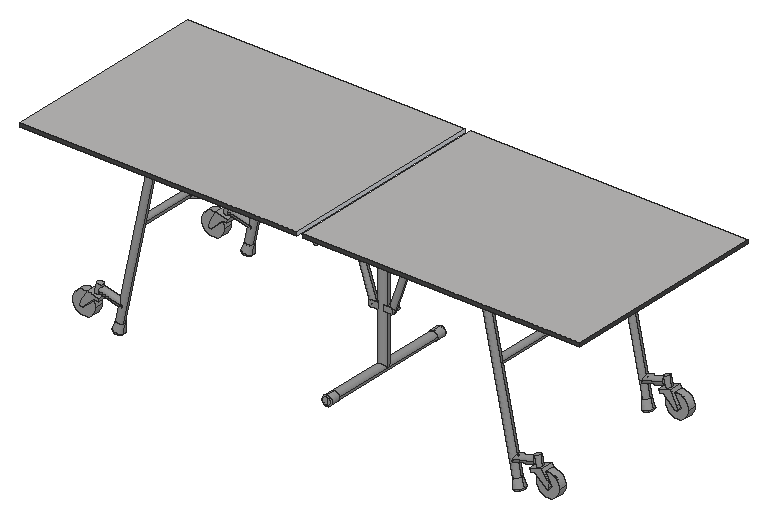
Revit family "23M Rect. 8 Long x 29 High", category Furniture, Revit 2016 (continued)
Automatic sketch dimensions
  plane 3 "Center Left/Right" to Extrusion 54 sketch curve = 0' - 1"
  Extrusion 54 sketch curve to Extrusion 54 sketch curve = 0' - 0.68301"
  Extrusion 54 sketch curve to Extrusion 54 sketch curve = 0' - 1.2141"
  Extrusion 54 sketch curve to plane 3 "Center Left/Right" = 0' - 0 5/16"
  level to Extrusion 54 sketch curve = 2' - 1.9241"
  Extrusion 54 sketch curve to Extrusion 54 sketch curve = 0' - 0.54127"
  Extrusion 54 sketch curve to Extrusion 54 sketch curve = 0' - 0.79127"
  Extrusion 54 sketch curve to Extrusion 54 sketch curve = 0' - 1.04904"
  Extrusion 54 sketch curve to Extrusion 54 sketch curve = 0' - 0.70096"
  Extrusion 55 sketch curve to plane 1 "Center Front/Back" = 1' - 1.83838"
  Extrusion 56 sketch curve to plane 1 "Center Front/Back" = 1' - 1.83838"
  Extrusion 57 sketch curve to plane 1 "Center Front/Back" = 1' - 1.83838"
  level to Extrusion 58 sketch curve = 0' - 2.60323"
  plane 3 "Center Left/Right" to Extrusion 58 sketch curve = 3' - 4.183"
  level to Extrusion 58 sketch curve = 0' - 3.19045"
  Extrusion 58 sketch curve to Extrusion 58 sketch curve = 0' - 0.0982"
  level to Extrusion 58 sketch curve = 0' - 2.37748"
  Extrusion 58 sketch curve to Extrusion 58 sketch curve = 0' - 0.1639"
  Extrusion 58 sketch curve to Extrusion 58 sketch curve = 0' - 0.19297"
  level to Extrusion 58 sketch curve = 0' - 2.3319"
  Extrusion 58 sketch curve to Extrusion 58 sketch curve = 0' - 0.30329"
  level to Extrusion 58 sketch curve = 0' - 5.18826"
  Extrusion 58 sketch curve to Extrusion 58 sketch curve = 0' - 1.14473"
  level to Extrusion 58 sketch curve = 0' - 4.11073"
  Extrusion 58 sketch curve to Extrusion 58 sketch curve = 0' - 1.13066"
  level to Extrusion 58 sketch curve = 0' - 4.04579"
  Extrusion 58 sketch curve to Extrusion 58 sketch curve = 0' - 0.72713"
  level to Extrusion 58 sketch curve = 0' - 4.64752"
  level to Extrusion 59 sketch curve = 0' - 2.82768"
  plane 3 "Center Left/Right" to Extrusion 59 sketch curve = 3' - 3.7896"
  level to Revolve 60 sketch curve = 0' - 0.48839"
  plane 3 "Center Left/Right" to Revolve 60 sketch curve = 2' - 11.22758"
  level to Revolve 60 sketch curve = 0' - 0.27865"
  Revolve 60 sketch curve to Revolve 60 sketch curve = 0' - 0.08686"
  Revolve 60 sketch curve to Revolve 60 sketch curve = 0' - 0.15789"
  level to Revolve 60 sketch curve = 0' - 1.89793"
  Revolve 60 sketch curve to Revolve 60 sketch curve = 0' - 0.51303"
  level to Revolve 60 sketch curve = 0' - 0.1154"  (x2)
  Revolve 60 sketch curve to Revolve 60 sketch curve = 0' - 0.69699"
  Revolve 60 sketch curve to Revolve 60 sketch curve = 0' - 0"  (x2)
  level to Revolve 60 sketch curve = 0' - 1.75135"
  plane 1 "Center Front/Back" to Extrusion 61 sketch curve = 1' - 1.83838"
  plane 1 "Center Front/Back" to Extrusion 62 sketch curve = 1' - 1.83838"
  plane 1 "Center Front/Back" to Extrusion 63 sketch curve = 1' - 1.83838"
  level to Extrusion 64 sketch curve = 0' - 2.60323"
  plane 3 "Center Left/Right" to Extrusion 64 sketch curve = 3' - 4.183"
  level to Extrusion 64 sketch curve = 0' - 3.19045"
  Extrusion 64 sketch curve to Extrusion 64 sketch curve = 0' - 0.0982"
  level to Extrusion 64 sketch curve = 0' - 2.37748"
  Extrusion 64 sketch curve to Extrusion 64 sketch curve = 0' - 0.1639"
  Extrusion 64 sketch curve to Extrusion 64 sketch curve = 0' - 0.19297"
  level to Extrusion 64 sketch curve = 0' - 2.3319"
  Extrusion 64 sketch curve to Extrusion 64 sketch curve = 0' - 0.30329"
  level to Extrusion 64 sketch curve = 0' - 5.18826"
  Extrusion 64 sketch curve to Extrusion 64 sketch curve = 0' - 1.14473"
  level to Extrusion 64 sketch curve = 0' - 4.11073"
  Extrusion 64 sketch curve to Extrusion 64 sketch curve = 0' - 1.13066"
  level to Extrusion 64 sketch curve = 0' - 4.04579"
  Extrusion 64 sketch curve to Extrusion 64 sketch curve = 0' - 0.72713"
  level to Extrusion 64 sketch curve = 0' - 4.64752"
  level to Extrusion 65 sketch curve = 0' - 2.82768"
  plane 3 "Center Left/Right" to Extrusion 65 sketch curve = 3' - 3.7896"
  level to Revolve 66 sketch curve = 0' - 0.48839"
  plane 3 "Center Left/Right" to Revolve 66 sketch curve = 2' - 11.22758"
  level to Revolve 66 sketch curve = 0' - 0.27865"
  Revolve 66 sketch curve to Revolve 66 sketch curve = 0' - 0.08686"
  Revolve 66 sketch curve to Revolve 66 sketch curve = 0' - 0.15789"
  level to Revolve 66 sketch curve = 0' - 1.89793"
  Revolve 66 sketch curve to Revolve 66 sketch curve = 0' - 0.51303"
  level to Revolve 66 sketch curve = 0' - 0.1154"  (x2)
  Revolve 66 sketch curve to Revolve 66 sketch curve = 0' - 0.69699"
  Revolve 66 sketch curve to Revolve 66 sketch curve = 0' - 0"  (x2)
  level to Revolve 66 sketch curve = 0' - 1.75135"
  plane 3 "Center Left/Right" to Extrusion 67 sketch curve = 2' - 6.53243"
  level to Extrusion 67 sketch curve = 1' - 6.26786"
  plane 1 "Center Front/Back" to Extrusion 68 sketch curve = 0' - 0"
  plane 3 "Center Left/Right" to Extrusion 69 sketch curve = 2' - 6.28978"
  Extrusion 69 sketch curve to Extrusion 69 sketch curve = 0' - 0.25918"
  Extrusion 69 sketch curve to Extrusion 69 sketch curve = 0' - 1.85497"
  Extrusion 69 sketch curve to Extrusion 69 sketch curve = 0' - 0.15456"  (x2)
  level to Extrusion 69 sketch curve = 1' - 5.87658"
  Extrusion 69 sketch curve to Extrusion 69 sketch curve = 0' - 0.61917"
  Extrusion 69 sketch curve to Extrusion 69 sketch curve = 0' - 0.96726"
  Extrusion 69 sketch curve to Extrusion 69 sketch curve = 0' - 0.47551"
  plane 3 "Center Left/Right" to Sweep 70 sketch curve = 1' - 6.87242"
  Sweep 70 sketch curve to Sweep 70 sketch curve = 0' - 0.47545"
  Sweep 70 sketch curve to Sweep 70 sketch curve = 0' - 0.63015"
  level to Sweep 70 sketch curve = 1' - 7.92066"
  Sweep 70 sketch curve to Sweep 70 sketch curve = 0' - 2.78884"
  Sweep 70 sketch curve to Sweep 70 sketch curve = 0' - 9.6841"
  Sweep 70 sketch curve to plane 3 "Center Left/Right" = 0' - 0.44697"
  Sweep 70 sketch curve to Sweep 70 sketch curve = 0' - 3.83915"
  Sweep 70 sketch curve to Sweep 70 sketch curve = 0' - 4.04849"
  Sweep 70 sketch curve to profile plane = 0' - 0"
  Sweep 70 sketch curve to profile plane = 0' - 0.00202"
  Extrusion 71 sketch curve to plane 1 "Center Front/Back" = 1' - 1.83838"
  Extrusion 72 sketch curve to plane 1 "Center Front/Back" = 1' - 1.83838"
  Extrusion 73 sketch curve to plane 1 "Center Front/Back" = 1' - 1.83838"
  level to Extrusion 74 sketch curve = 0' - 1.61138"
  plane 3 "Center Left/Right" to Extrusion 74 sketch curve = 1' - 2.00698"
  Extrusion 74 sketch curve to Extrusion 74 sketch curve = 0' - 0.0982"
  Extrusion 74 sketch curve to Extrusion 74 sketch curve = 0' - 0.1639"
  Extrusion 74 sketch curve to Extrusion 74 sketch curve = 0' - 0.19297"
  Extrusion 74 sketch curve to Extrusion 74 sketch curve = 0' - 0.30329"
  Extrusion 74 sketch curve to Extrusion 74 sketch curve = 0' - 1.14473"
  Extrusion 74 sketch curve to Extrusion 74 sketch curve = 0' - 1.13066"
  Extrusion 74 sketch curve to Extrusion 74 sketch curve = 0' - 0.72713"
  Extrusion 74 sketch curve to Extrusion 74 sketch curve = 0' - 0.16116"
  Extrusion 74 sketch curve to Extrusion 74 sketch curve = 0' - 0.03227"
  Extrusion 74 sketch curve to Extrusion 74 sketch curve = 0' - 0.04557"
  Extrusion 74 sketch curve to Extrusion 74 sketch curve = 0' - 0.58722"
  Extrusion 74 sketch curve to Extrusion 74 sketch curve = 0' - 0.85534"
  Extrusion 74 sketch curve to Extrusion 74 sketch curve = 0' - 0.06493"
  Extrusion 74 sketch curve to Extrusion 74 sketch curve = 0' - 0.60173"
  level to Extrusion 75 sketch curve = 0' - 1.91242"
  plane 3 "Center Left/Right" to Extrusion 75 sketch curve = 1' - 1.66857"
  level to Revolve 76 sketch curve = 0' - 0.56847"
  plane 3 "Center Left/Right" to Revolve 76 sketch curve = 0' - 8.72105"
  Revolve 76 sketch curve to Revolve 76 sketch curve = 0' - 0.08686"
  Revolve 76 sketch curve to Revolve 76 sketch curve = 0' - 0.15789"
  Revolve 76 sketch curve to Revolve 76 sketch curve = 0' - 0.51303"
  Revolve 76 sketch curve to Revolve 76 sketch curve = 0' - 0.69699"
  Revolve 76 sketch curve to Revolve 76 sketch curve = 0' - 0.68958"
  Revolve 76 sketch curve to Revolve 76 sketch curve = 0' - 0.05747"
  Revolve 76 sketch curve to Revolve 76 sketch curve = 0' - 0.31552"
  Revolve 76 sketch curve to Revolve 76 sketch curve = 0' - 0"  (x4)
  plane 1 "Center Front/Back" to Extrusion 77 sketch curve = 1' - 1.83838"
  plane 1 "Center Front/Back" to Extrusion 78 sketch curve = 1' - 1.83838"
  plane 1 "Center Front/Back" to Extrusion 79 sketch curve = 1' - 1.83838"
  level to Extrusion 80 sketch curve = 0' - 1.61138"
  plane 3 "Center Left/Right" to Extrusion 80 sketch curve = 1' - 2.00698"
  Extrusion 80 sketch curve to Extrusion 80 sketch curve = 0' - 0.0982"
  Extrusion 80 sketch curve to Extrusion 80 sketch curve = 0' - 0.1639"
  Extrusion 80 sketch curve to Extrusion 80 sketch curve = 0' - 0.19297"
  Extrusion 80 sketch curve to Extrusion 80 sketch curve = 0' - 0.30329"
  Extrusion 80 sketch curve to Extrusion 80 sketch curve = 0' - 1.14473"
  Extrusion 80 sketch curve to Extrusion 80 sketch curve = 0' - 1.13066"
  Extrusion 80 sketch curve to Extrusion 80 sketch curve = 0' - 0.72713"
  Extrusion 80 sketch curve to Extrusion 80 sketch curve = 0' - 0.16116"
  Extrusion 80 sketch curve to Extrusion 80 sketch curve = 0' - 0.58722"
  Extrusion 80 sketch curve to Extrusion 80 sketch curve = 0' - 0.85534"
  Extrusion 80 sketch curve to Extrusion 80 sketch curve = 0' - 0.06493"
  Extrusion 80 sketch curve to Extrusion 80 sketch curve = 0' - 0.60173"
  Extrusion 80 sketch curve to Extrusion 80 sketch curve = 0' - 0.03227"
  Extrusion 80 sketch curve to Extrusion 80 sketch curve = 0' - 0.04557"
  level to Extrusion 81 sketch curve = 0' - 1.91242"
  plane 3 "Center Left/Right" to Extrusion 81 sketch curve = 1' - 1.66857"
  level to Revolve 82 sketch curve = 0' - 0.56847"
  plane 3 "Center Left/Right" to Revolve 82 sketch curve = 0' - 8.72105"
  Revolve 82 sketch curve to Revolve 82 sketch curve = 0' - 0.08686"
  Revolve 82 sketch curve to Revolve 82 sketch curve = 0' - 0.07104"
  Revolve 82 sketch curve to Revolve 82 sketch curve = 0' - 0.51303"
  Revolve 82 sketch curve to Revolve 82 sketch curve = 0' - 0.69699"
  Revolve 82 sketch curve to Revolve 82 sketch curve = 0' - 0.68958"
  Revolve 82 sketch curve to Revolve 82 sketch curve = 0' - 1.26296"
  Revolve 82 sketch curve to Revolve 82 sketch curve = 0' - 0.14658"
  Revolve 82 sketch curve to Revolve 82 sketch curve = 0' - 0"  (x4)
  plane 3 "Center Left/Right" to Extrusion 83 sketch curve = 0' - 7.80914"
  level to Extrusion 83 sketch curve = 1' - 6.93481"
  plane 3 "Center Left/Right" to Extrusion 84 sketch curve = 0' - 7.69103"
  level to Extrusion 84 sketch curve = 1' - 7.54855"
  Extrusion 84 sketch curve to Extrusion 84 sketch curve = 0' - 0.25918"
  Extrusion 84 sketch curve to Extrusion 84 sketch curve = 0' - 1.85497"
  Extrusion 84 sketch curve to Extrusion 84 sketch curve = 0' - 0.15456"  (x2)
  Extrusion 84 sketch curve to Extrusion 84 sketch curve = 0' - 0.34808"
  Extrusion 84 sketch curve to Extrusion 84 sketch curve = 0' - 0.96726"
  Extrusion 84 sketch curve to Extrusion 84 sketch curve = 0' - 0.47551"
  plane 1 "Center Front/Back" to Extrusion 85 sketch curve = 0' - 0"
  Extrusion 87 sketch curve to plane 1 "Center Front/Back" = 1' - 2.4397"
  Extrusion 87 sketch curve to Extrusion 87 sketch curve = 0' - 0"  (x4)
  Extrusion 87 sketch curve to plane 1 "Center Front/Back" = 0' - 2.8156"
  Extrusion 87 sketch curve to Extrusion 87 sketch curve = 2' - 7.75013"
  plane 1 "Center Front/Back" to Extrusion 87 sketch curve = 0' - 2.6994"
  Extrusion 87 sketch curve to Extrusion 87 sketch curve = 0' - 10 1/4"  (x2)
  Extrusion 87 sketch curve to Extrusion 87 sketch curve = 0' - 0 1/8"  (x4)
  Extrusion 87 sketch curve to Extrusion 87 sketch curve = 0' - 11.7403"
  plane 3 "Center Left/Right" to Extrusion 88 sketch curve = 0' - 0.75091"
  level to Extrusion 88 sketch curve = 4' - 5.5367"
  Extrusion 88 sketch curve to Extrusion 88 sketch curve = 0' - 0.53109"
  Extrusion 88 sketch curve to Extrusion 88 sketch curve = 0' - 1.2141"
  Extrusion 88 sketch curve to Extrusion 88 sketch curve = 0' - 1.37051"
  Extrusion 88 sketch curve to Extrusion 88 sketch curve = 0' - 0 5/16"  (x2)
  Extrusion 88 sketch curve to Extrusion 88 sketch curve = 0' - 0 1/4"
  Extrusion 88 sketch curve to Extrusion 88 sketch curve = 0' - 0.54127"
  Extrusion 88 sketch curve to Extrusion 88 sketch curve = 0' - 1.04904"
  Extrusion 88 sketch curve to Extrusion 88 sketch curve = 0' - 0.70096"
  plane 3 "Center Left/Right" to Extrusion 89 sketch curve = 0' - 0.75091"
  level to Extrusion 89 sketch curve = 4' - 5.5367"
  Extrusion 89 sketch curve to Extrusion 89 sketch curve = 0' - 0.53109"
  Extrusion 89 sketch curve to Extrusion 89 sketch curve = 0' - 1.2141"
  Extrusion 89 sketch curve to Extrusion 89 sketch curve = 0' - 1.37051"
  Extrusion 89 sketch curve to Extrusion 89 sketch curve = 0' - 0 5/16"  (x2)
  Extrusion 89 sketch curve to Extrusion 89 sketch curve = 0' - 0 1/4"
  Extrusion 89 sketch curve to Extrusion 89 sketch curve = 0' - 0.54127"
  Extrusion 89 sketch curve to Extrusion 89 sketch curve = 0' - 1.04904"
  Extrusion 89 sketch curve to Extrusion 89 sketch curve = 0' - 0.70096"
  Extrusion 47 sketch curve to plane 3 "Center Left/Right" = 0' - 0 1/2"
  Extrusion 51 sketch curve to Extrusion 51 sketch curve = 3' - 10 1/2"
  plane 3 "Center Left/Right" to Extrusion 86 sketch curve = 0' - 0 1/2"
  Extrusion 90 sketch curve to Extrusion 90 sketch curve = 3' - 10 1/2"
  radius of Extrusion 4 sketch curve = 0' - 0 5/8"
  radius of Extrusion 5 sketch curve = 0' - 0 1/2"
  radius of Extrusion 6 sketch curve = 0' - 0 5/8"
  radius of Extrusion 8 sketch curve = 0' - 2"
  radius of Extrusion 10 sketch curve = 0' - 0 5/8"
  radius of Extrusion 11 sketch curve = 0' - 0 1/2"
  radius of Extrusion 12 sketch curve = 0' - 0 5/8"
  radius of Extrusion 14 sketch curve = 0' - 2"
  radius of Extrusion 16 sketch curve = 0' - 0 5/8"
  radius of Extrusion 17 sketch curve = 0' - 0 3/4"
  radius of Extrusion 20 sketch curve = 0' - 0 3/4"
  radius of Extrusion 21 sketch curve = 0' - 0 1/2"
  radius of Sweep 24 sketch curve = 0' - 0 1/2"
  radius of Extrusion 25 sketch curve = 0' - 0 3/4"
  radius of Extrusion 26 sketch curve = 0' - 0 5/8"
  radius of Extrusion 27 sketch curve = 0' - 0 1/2"
  radius of Extrusion 28 sketch curve = 0' - 0 5/8"
  radius of Extrusion 30 sketch curve = 0' - 2"
  radius of Extrusion 32 sketch curve = 0' - 0 5/8"
  radius of Extrusion 33 sketch curve = 0' - 0 1/2"
  radius of Extrusion 34 sketch curve = 0' - 0 5/8"
  radius of Extrusion 36 sketch curve = 0' - 2"
  radius of Extrusion 38 sketch curve = 0' - 0 5/8"
  radius of Sweep 40 sketch curve = 0' - 0 1/2"
  radius of Extrusion 41 sketch curve = 0' - 0 3/4"
  radius of Extrusion 44 sketch curve = 0' - 0 3/4"
  radius of Extrusion 45 sketch curve = 0' - 0 1/2"
  radius of Extrusion 55 sketch curve = 0' - 0 5/8"
  radius of Extrusion 56 sketch curve = 0' - 0 1/2"
  radius of Extrusion 57 sketch curve = 0' - 0 5/8"
  radius of Extrusion 59 sketch curve = 0' - 2"
  radius of Extrusion 61 sketch curve = 0' - 0 5/8"
  radius of Extrusion 62 sketch curve = 0' - 0 1/2"
  radius of Extrusion 63 sketch curve = 0' - 0 5/8"
  radius of Extrusion 65 sketch curve = 0' - 2"
  radius of Extrusion 67 sketch curve = 0' - 0 5/8"
  radius of Extrusion 68 sketch curve = 0' - 0 1/2"
  radius of Sweep 70 sketch curve = 0' - 0 1/2"
  radius of Extrusion 71 sketch curve = 0' - 0 5/8"
  radius of Extrusion 72 sketch curve = 0' - 0 1/2"
  radius of Extrusion 73 sketch curve = 0' - 0 5/8"
  radius of Extrusion 75 sketch curve = 0' - 2"
  radius of Extrusion 77 sketch curve = 0' - 0 5/8"
  radius of Extrusion 78 sketch curve = 0' - 0 1/2"
  radius of Extrusion 79 sketch curve = 0' - 0 5/8"
  radius of Extrusion 81 sketch curve = 0' - 2"
  radius of Extrusion 83 sketch curve = 0' - 0 5/8"
  radius of Extrusion 85 sketch curve = 0' - 0 1/2"
Types (3): name | Width | Model | Length
  (no name) | 3' - 0" | "23M15293608" | 4' - 0"
  23M15293008 | 2' - 6" | "23M15293008" | 3' - 11"
  23M15293608 | 3' - 0" | "23M15293608" | 4' - 0"
